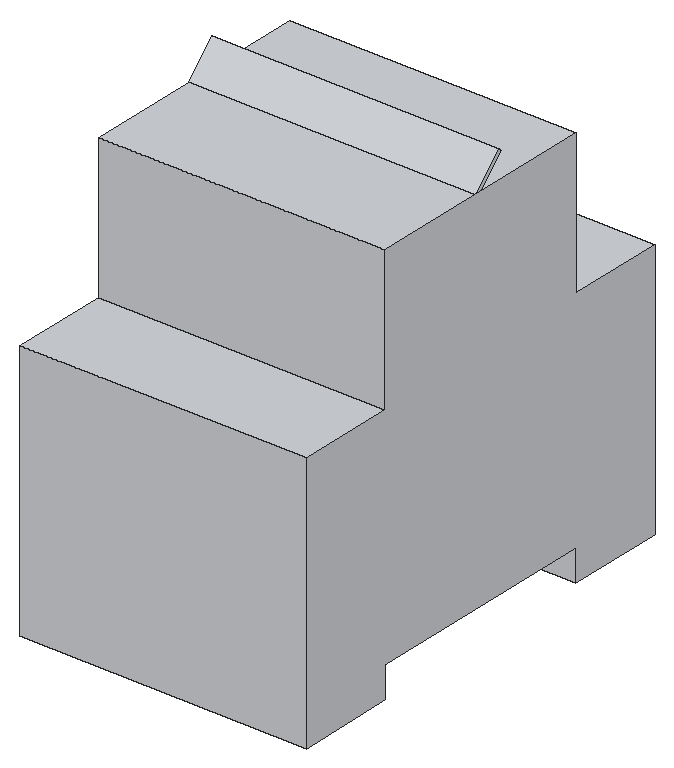
Revit family "Power-ModularDevices-GEWISS-90AM-MOTOR_PROTECTION", category Apparecchi elettrici, host Superficie, Revit 2016 (continued)
Definition of nested family "SALVAMOT"
  Lines and regions (mm)
    detail lines, not visible
      curve 17: line (5.101, 4.082, 0) -> (5.101, 1.026, 0)
    detail lines
      curve 18: line (-0.111, 4.594, 0) -> (0.11, 4.82, 0)
      curve 19: line (-0.111, 4.82, 0) -> (0.11, 4.594, 0)
      curve 20: line (-0.719, 3.236, 0) -> (0.719, 3.236, 0)
      curve 21: line (0.719, 3.236, 0) -> (0.719, 1.765, 0)
      curve 22: line (0.719, 1.765, 0) -> (-0.719, 1.765, 0)
      curve 23: line (-0.719, 1.765, 0) -> (-0.719, 3.236, 0)
      curve 24: line (-0.719, 2.501, 0) -> (0.719, 2.501, 0)
      curve 25: line (-0.553, 4.707, 0) -> (0, 3.519, 0)
      curve 26: line (0, 3.519, 0) -> (0, 3.236, 0)
      curve 27: line (0, 3.236, 0) -> (0, 3.066, 0)
      curve 28: line (0, 3.066, 0) -> (0.332, 3.066, 0)
      curve 29: line (0.332, 3.066, 0) -> (0.332, 2.67, 0)
      curve 30: line (0.332, 2.67, 0) -> (0, 2.67, 0)
      curve 31: line (0, 2.67, 0) -> (0, 2.501, 0)
      curve 32: line (-0.478, 4.545, 0) -> (-0.319, 4.204, 0)
      curve 33: line (-0.43, 4.148, 0) -> (-0.591, 4.487, 0)
      curve 34: line (-0.591, 4.487, 0) -> (-0.43, 4.148, 0)
      curve 35: line (-0.319, 4.204, 0) -> (-0.478, 4.545, 0)
      curve 36: line (-0.591, 4.487, 0) -> (-0.43, 4.148, 0)
      curve 37: line (-0.319, 4.204, 0) -> (-0.478, 4.545, 0)
      curve 38: line (-0.591, 4.487, 0) -> (-0.43, 4.148, 0)
      curve 39: line (-0.719, 1.765, 0) -> (0.719, 1.765, 0)
      curve 40: line (0, 4.707, 0) -> (0, 5.884, 0)
      curve 41: line (-0.156, 2.362, 0) -> (-0.156, 1.903, 0)
      curve 42: line (0.061, 1.941, 0) -> (0.405, 2.133, 0)
      curve 43: line (0.405, 2.133, 0) -> (0.061, 2.325, 0)
      curve 44: line (0, 0, 0) -> (0, 1.765, 0)
Types (14, lengths in mm): name | URL | Technical sheet | Produttore | Operating current | Modello | IDT | EAN code | Descrizione
  (no name) | 0 | "" | "GEWISS" | "" | "GW96751" | "" | "" | "SALVAMOTORE 0,1 - 0,16A"
  GW96763 - MOTOR PROTECTION SWITCH 25-40A | "https://www.gewiss.com/ww/en" | "https://www.gewiss.com/ww/en/search?q=GW96763" | "GEWISS S.p.A." | "25-40A" | "GW96763" | "9a90badc-123e-4117-a2a4-f62144c76397" | "8011564184527" | "MOTOR PROTECTION SWITCH 25-40A"
  GW96762 - MOTOR PROTECTION SWITCH 16-25A | "https://www.gewiss.com/ww/en" | "https://www.gewiss.com/ww/en/search?q=GW96762" | "GEWISS S.p.A." | "16-25A" | "GW96762" | "c80e63a5-7c8d-4364-8945-0663a861e36f" | "8011564184510" | "MOTOR PROTECTION SWITCH 16-25A"
  GW96761 - MOTOR PROTECTION SWITCH 10-16A | "https://www.gewiss.com/ww/en" | "https://www.gewiss.com/ww/en/search?q=GW96761" | "GEWISS S.p.A." | "10-16A" | "GW96761" | "efd7e8c0-fda8-4bcc-9a75-78d432c757c8" | "8011564184503" | "MOTOR PROTECTION SWITCH 10-16A"
  GW96760 - MOTOR PROTECTION SWITCH 6.3-10A | "https://www.gewiss.com/ww/en" | "https://www.gewiss.com/ww/en/search?q=GW96760" | "GEWISS S.p.A." | "6,3-10A" | "GW96760" | "1a624c67-eb47-496c-8ecb-303606a70918" | "8011564184497" | "MOTOR PROTECTION SWITCH 6.3-10A"
  GW96759 - MOTOR PROTECTION SWITCH 4-6.3A | "https://www.gewiss.com/ww/en" | "https://www.gewiss.com/ww/en/search?q=GW96759" | "GEWISS S.p.A." | "4-6,3A" | "GW96759" | "04d7c82c-4cb2-49e2-91c3-c1bf941b4b3b" | "8011564184473" | "MOTOR PROTECTION SWITCH 4-6.3A"
  GW96758 - MOTOR PROTECTION SWITCH 2.5-4A | "https://www.gewiss.com/ww/en" | "https://www.gewiss.com/ww/en/search?q=GW96758" | "GEWISS S.p.A." | "2,5-4A" | "GW96758" | "0d027c49-debf-4477-969e-25bd56e3b819" | "8011564184459" | "MOTOR PROTECTION SWITCH 2.5-4A"
  GW96757 - MOTOR PROTECTION SWITCH 1.6-2.5A | "https://www.gewiss.com/ww/en" | "https://www.gewiss.com/ww/en/search?q=GW96757" | "GEWISS S.p.A." | "1,6-2,5A" | "GW96757" | "92d57d6d-c130-41de-862b-3f16509ee188" | "8011564184442" | "MOTOR PROTECTION SWITCH 1.6-2.5A"
  GW96756 - MOTOR PROTECTION SWITCH 1-1.6A | "https://www.gewiss.com/ww/en" | "https://www.gewiss.com/ww/en/search?q=GW96756" | "GEWISS S.p.A." | "1-1,6A" | "GW96756" | "408f10eb-d5cb-43a9-9042-9d088d968636" | "8011564184435" | "MOTOR PROTECTION SWITCH 1-1.6A"
  GW96755 - MOTOR PROTECTION SWITCH 0.63-1A | "https://www.gewiss.com/ww/en" | "https://www.gewiss.com/ww/en/search?q=GW96755" | "GEWISS S.p.A." | "0,63-1A" | "GW96755" | "78f4f8f2-e6b2-4e4f-83fc-f630d83ac98d" | "8011564184428" | "MOTOR PROTECTION SWITCH 0.63-1A"
  GW96754 - MOTOR PROTECTION SWITCH 0.4-0.63A | "https://www.gewiss.com/ww/en" | "https://www.gewiss.com/ww/en/search?q=GW96754" | "GEWISS S.p.A." | "0,4-0,63A" | "GW96754" | "2c1beb37-ddaf-487b-9924-3610a1e74906" | "8011564184411" | "MOTOR PROTECTION SWITCH 0.4-0.63A"
  GW96753 - MOTOR PROTECTION SWITCH 0.25-0.4A | "https://www.gewiss.com/ww/en" | "https://www.gewiss.com/ww/en/search?q=GW96753" | "GEWISS S.p.A." | "0,25-0,4A" | "GW96753" | "5c71c00e-10f3-42ef-bbdc-4ea35db28526" | "8011564184336" | "MOTOR PROTECTION SWITCH 0.25-0.4A"
  GW96752 - MOTOR PROTECTION SWITCH 0.16-0.25A | "https://www.gewiss.com/ww/en" | "https://www.gewiss.com/ww/en/search?q=GW96752" | "GEWISS S.p.A." | "0,16-0,25A" | "GW96752" | "918041a4-3f86-41a0-9fbb-9e6d399ee33b" | "8011564184329" | "MOTOR PROTECTION SWITCH 0.16-0.25A"
  GW96751 - MOTOR PROTECTION SWITCH 0.1-0.16A | "https://www.gewiss.com/ww/en" | "https://www.gewiss.com/ww/en/search?q=GW96751" | "GEWISS S.p.A." | "0,1-0,16A" | "GW96751" | "5099b590-b09a-4eb5-960b-88bee05934e3" | "8011564184312" | "MOTOR PROTECTION SWITCH 0.1-0.16A"
